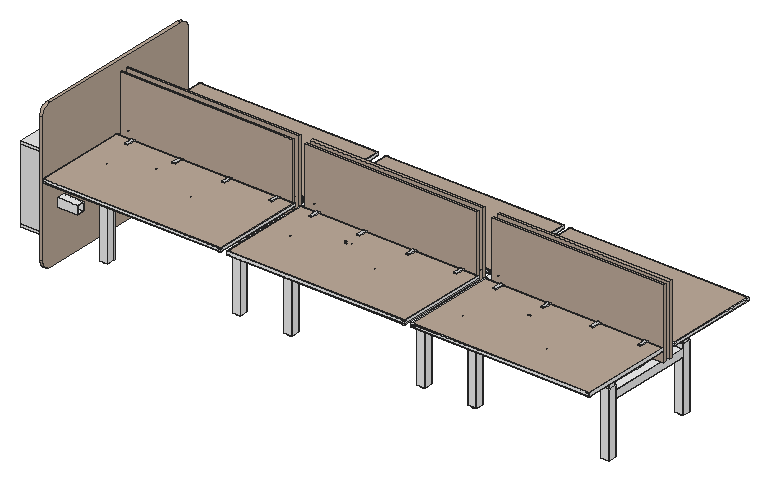
Revit family "T200104", category Furniture, Revit 2022 (continued)
Definition of nested family "OFS RANGE END CAP"
  Forms (in)
    Extrusion 1, solid, material <- "Profile Material"
      sketch origin (1, -13.68515, 0) x (0, -1, 0) y (1, 0, 0)
        loop
          line (-2.10078, -5.45499) -> (-2.10078, -5.74409)
          arc (-2.10078, -5.74409) -> (-2.12047, -5.76378) -> (-2.14015, -5.74409) r 0.01969
          line (-2.14015, -5.74409) -> (-2.14015, 3.74409)
          arc (-2.14015, 3.74409) -> (-2.12047, 3.76378) -> (-2.10078, 3.74409) r 0.01969
          line (-2.10078, 3.74409) -> (-2.10078, 3.45499)
          arc (-2.10078, 3.45499) -> (-2.08184, 3.40925) -> (-2.0361, 3.39031) r 0.06469
          line (-2.0361, 3.39031) -> (-1.31338, 3.39031) -> (-1.31338, 3.43531) -> (-2.0361, 3.43531)
          arc (-2.0361, 3.43531) -> (-2.05002, 3.44107) -> (-2.05578, 3.45499) r 0.01969
          line (-2.05578, 3.45499) -> (-2.05578, 3.74409)
          arc (-2.05578, 3.74409) -> (-2.12047, 3.80878) -> (-2.18515, 3.74409) r 0.06469
      from 15 to 17
    Extrusion 2, void
      sketch origin (0, 0, 0) x (0, 1, 0) y (0, 0, 1)
        loop
          line (-12.18427, 16.85665) -> (-11.64906, 16.85665) -> (-11.64906, 17.10665) -> (-12.64906, 17.10665) -> (-12.64906, 14.89335) -> (-11.64906, 14.89335) -> (-11.64906, 15.14335) -> (-12.18427, 15.14335)
          arc (-12.18427, 15.14335) -> (-12.31685, 15.19827) -> (-12.37177, 15.33085) r 0.1875
          line (-12.37177, 15.33085) -> (-12.37177, 16.66915)
          arc (-12.37177, 16.66915) -> (-12.31685, 16.80173) -> (-12.18427, 16.85665) r 0.1875
        loop
          circle (-12.03905, 15.42172) r 0.10313
      from -4.5 to 4.5
  Cuts and joins
    Extrusion 2 cuts Extrusion 1
  Dimensions and locks (in)
    "Depth": plane 4 "Front" to plane 1 "Back"
    equal spacing: plane 5 "Left", plane 3 "Center Left/Right", plane 6 "Right"
    "Width": plane 5 "Left" to plane 6 "Right"
    "Height from Floor": plane 7 to level
    "Height": plane 8 to plane 7
    equal spacing: plane 4 "Front", plane 9, plane 1 "Back"
    aligned and locked: level to plane 2
    aligned and locked: plane 8 to Extrusion 1
    aligned and locked: Extrusion 1 to plane 7
  Automatic sketch dimensions
    Extrusion 1 sketch curve to Extrusion 1 sketch curve = 0"  (x8)
    Extrusion 1 sketch curve to plane 4 "Front" = 1"
    Extrusion 1 sketch curve to Extrusion 1 sketch curve = 0.045"
    Extrusion 1 sketch curve to Extrusion 1 sketch curve = 0.01969"  (x4)
    Extrusion 1 sketch curve to Extrusion 1 sketch curve = 0.72272"  (x2)
    Extrusion 1 sketch curve to plane 5 "Left" = 0.24409"
    Extrusion 1 sketch curve to Extrusion 1 sketch curve = 0.2891"  (x2)
    plane 5 "Left" to Extrusion 1 sketch curve = 8.89031"
    plane 4 "Front" to Extrusion 2 sketch curve = 0.14906"
    Extrusion 2 sketch curve to plane 4 "Front" = 0.12823"
    Extrusion 2 sketch curve to plane 9 = 0.18427"  (x2)
    Extrusion 2 sketch curve to plane 9 = 5/128"
    plane 1 "Back" to Extrusion 2 sketch curve = 0.14906"  (x2)
    Extrusion 2 sketch curve to plane 7 = 0.10665"
    plane 7 to Extrusion 2 sketch curve = 0.14335"
    Extrusion 2 sketch curve to Extrusion 2 sketch curve = 0.09087"
    Extrusion 2 sketch curve to plane 8 = 0.33085"
    plane 8 to Extrusion 2 sketch curve = 0.10665"
    radius of Extrusion 2 sketch curve = 0.10313"
Definition of nested family "OFS RANGE HEIGHT ADJUSTABLE GANGING TRAY"
  Parameters (values of type "HEIGHT ADJUSTABLE GANGING TRAY")
    Width = 22"
    URL = "http://www.ofs.com/"
    Model = "HB-GKT"
    Manufacturer = "CAROLINA"
    Height from Floor = 15"
    Height = 2"
    Profile Material = none
    Description = "OFS CAROLINA HEIGHT ADJUSTABLE GANGING TRAY"
    Depth = 9 1/4"
    Default Elevation = 0"
    Copyright © = "©OFS 2019"
    Catalog = "https://ofs.com/products/open-plan/benching/range"
    Authoring Version = "Autodesk Revit Architecture 2015"
    Assembly Code = "E2020200"
  Reference planes (in)
    plane 1 "Back": y = -7.375
    plane 2: z = 0
    plane 3 "Center Left/Right": x = 0
    plane 4 "Front": y = -16.625
    plane 5 "Left": x = -11
    plane 6 "Right": x = 11
    plane 7: z = 15
    plane 8: z = 17
    plane 9: y = -12
    plane 10: x = -6.875
    plane 11: x = 6.875
  Forms (in)
    Extrusion 1, solid, material <- "Profile Material"
      sketch origin (0, 0, 0) x (0, 1, 0) y (0, 0, 1)
        loop
          line (-7.57087, 15) -> (-7.57087, 16.94094) -> (-7.62992, 16.94094) -> (-7.62992, 15.05906) -> (-16.37008, 15.05906) -> (-16.37008, 16.94094) -> (-16.42913, 16.94094) -> (-16.42913, 15) -> (-7.57087, 15)
      from -11 to 11
    Extrusion 2, void
      sketch origin (0, 0, 0) x (1, 0, 0) y (0, 1, 0)
        loop
          arc (-10.2126, -9.74311) -> (-10.24719, -9.65959) -> (-10.33071, -9.625) r 0.11811
          line (-10.33071, -9.625) -> (-10.88189, -9.625)
          arc (-10.88189, -9.625) -> (-10.96541, -9.59041) -> (-11, -9.50689) r 0.11811
          line (-11, -9.50689) -> (-11, -7.375) -> (-11.5, -7.375) -> (-11.5, -16.625) -> (-11, -16.625) -> (-11, -14.49311)
          arc (-11, -14.49311) -> (-10.96541, -14.40959) -> (-10.88189, -14.375) r 0.11811
          line (-10.88189, -14.375) -> (-10.33071, -14.375)
          arc (-10.33071, -14.375) -> (-10.24719, -14.34041) -> (-10.2126, -14.25689) r 0.11811
          line (-10.2126, -14.25689) -> (-10.2126, -9.74311)
        loop
          arc (-9.11614, -10.75) -> (-9.29292, -10.82322) -> (-9.36614, -11) r 0.25
          line (-9.36614, -11) -> (-9.36614, -13)
          arc (-9.36614, -13) -> (-9.29292, -13.17678) -> (-9.11614, -13.25) r 0.25
          line (-9.11614, -13.25) -> (-7.11614, -13.25)
          arc (-7.11614, -13.25) -> (-6.93937, -13.17678) -> (-6.86614, -13) r 0.25
          line (-6.86614, -13) -> (-6.86614, -11)
          arc (-6.86614, -11) -> (-6.93937, -10.82322) -> (-7.11614, -10.75) r 0.25
          line (-7.11614, -10.75) -> (-9.11614, -10.75)
        loop
          arc (-1, -10.75) -> (-1.17678, -10.82322) -> (-1.25, -11) r 0.25
          line (-1.25, -11) -> (-1.25, -13)
          arc (-1.25, -13) -> (-1.17678, -13.17678) -> (-1, -13.25) r 0.25
          line (-1, -13.25) -> (1, -13.25)
          arc (1, -13.25) -> (1.17678, -13.17678) -> (1.25, -13) r 0.25
          line (1.25, -13) -> (1.25, -11)
          arc (1.25, -11) -> (1.17678, -10.82322) -> (1, -10.75) r 0.25
          line (1, -10.75) -> (-1, -10.75)
        loop
          line (10.2126, -9.74311) -> (10.2126, -14.25689)
          arc (10.2126, -14.25689) -> (10.24719, -14.34041) -> (10.33071, -14.375) r 0.11811
          line (10.33071, -14.375) -> (10.88189, -14.375)
          arc (10.88189, -14.375) -> (10.96541, -14.40959) -> (11, -14.49311) r 0.11811
          line (11, -14.49311) -> (11, -16.625) -> (11.5, -16.625) -> (11.5, -7.375) -> (11, -7.375) -> (11, -9.50689)
          arc (11, -9.50689) -> (10.96541, -9.59041) -> (10.88189, -9.625) r 0.11811
          line (10.88189, -9.625) -> (10.33071, -9.625)
          arc (10.33071, -9.625) -> (10.24719, -9.65959) -> (10.2126, -9.74311) r 0.11811
        loop
          line (9.11614, -10.75) -> (7.11614, -10.75)
          arc (7.11614, -10.75) -> (6.93937, -10.82322) -> (6.86614, -11) r 0.25
          line (6.86614, -11) -> (6.86614, -13)
          arc (6.86614, -13) -> (6.93937, -13.17678) -> (7.11614, -13.25) r 0.25
          line (7.11614, -13.25) -> (9.11614, -13.25)
          arc (9.11614, -13.25) -> (9.29292, -13.17678) -> (9.36614, -13) r 0.25
          line (9.36614, -13) -> (9.36614, -11)
          arc (9.36614, -11) -> (9.29292, -10.82322) -> (9.11614, -10.75) r 0.25
        loop
          circle (-9.11618, -9.9973) r 0.07759
        loop
          circle (-7.1161, -9.9973) r 0.07759
        loop
          circle (-9.11618, -14.0027) r 0.07759
        loop
          circle (-7.1161, -14.0027) r 0.07759
        loop
          circle (9.11618, -9.9973) r 0.07759
        loop
          circle (7.1161, -9.9973) r 0.07759
        loop
          circle (9.11618, -14.0027) r 0.07759
        loop
          circle (7.1161, -14.0027) r 0.07759
      from 13.92521 to 20.02013
    Extrusion 3, void
      sketch origin (0, -7.375, 0) x (1, 0, 0) y (0, 0, 1)
        loop
          line (-10.875, 16.61811) -> (-7, 16.61811)
          arc (-7, 16.61811) -> (-6.91161, 16.65472) -> (-6.875, 16.74311) r 0.125
          line (-6.875, 16.74311) -> (-6.875, 16.81594)
          arc (-6.875, 16.81594) -> (-6.83839, 16.90433) -> (-6.75, 16.94094) r 0.125
          line (-6.75, 16.94094) -> (-6.75, 17.44094) -> (-11.32241, 17.44094) -> (-11.32241, 16.49311) -> (-11, 16.49311)
          arc (-11, 16.49311) -> (-10.96339, 16.5815) -> (-10.875, 16.61811) r 0.125
        loop
          arc (10.875, 16.61811) -> (10.96339, 16.5815) -> (11, 16.49311) r 0.125
          line (11, 16.49311) -> (11.32241, 16.49311) -> (11.32241, 17.5) -> (6.75, 17.5) -> (6.75, 16.94094)
          arc (6.75, 16.94094) -> (6.83839, 16.90433) -> (6.875, 16.81594) r 0.125
          line (6.875, 16.81594) -> (6.875, 16.74311)
          arc (6.875, 16.74311) -> (6.91161, 16.65472) -> (7, 16.61811) r 0.125
          line (7, 16.61811) -> (10.875, 16.61811)
      from 0 to 9.25
    Extrusion 4, solid, material <- "Profile Material"
      sketch origin (0, 0, 0) x (0, 1, 0) y (0, 0, 1)
        loop
          line (-16.4685, 16.94094) -> (-7.5315, 16.94094) -> (-7.5315, 15) -> (-7.47244, 15) -> (-7.47244, 17) -> (-16.52756, 17) -> (-16.52756, 15) -> (-16.4685, 15) -> (-16.4685, 16.94094)
      from -6.875 to 6.875
  Cuts and joins
    Extrusion 2, Extrusion 3 cuts Extrusion 1
  Dimensions and locks (in)
    "Depth": plane 4 "Front" to plane 1 "Back"
    equal spacing: plane 5 "Left", plane 3 "Center Left/Right", plane 6 "Right"
    "Width": plane 5 "Left" to plane 6 "Right"
    "Height from Floor": plane 7 to level
    "Height": plane 8 to plane 7
    equal spacing: plane 4 "Front", plane 9, plane 1 "Back"
    plane 11 to plane 3 "Center Left/Right" to plane 10 = 6 7/8", 6 7/8"
    aligned and locked: level to plane 2
    aligned and locked: Extrusion 1 to plane 6 "Right"
    aligned and locked: Extrusion 1 to plane 5 "Left"
    aligned and locked: plane 4 "Front" to Extrusion 3
    aligned and locked: Extrusion 3 to plane 1 "Back"
    aligned and locked: Extrusion 4 to plane 10
    aligned and locked: Extrusion 4 to plane 11
  Automatic sketch dimensions
    plane 1 "Back" to Extrusion 1 sketch curve = 0.19587"
    Extrusion 1 sketch curve to plane 4 "Front" = 0.19587"
    Extrusion 1 sketch curve to plane 8 = 0.05906"  (x2)
    Extrusion 1 sketch curve to Extrusion 1 sketch curve = 0.05906"  (x2)
    Extrusion 1 sketch curve to plane 7 = 0"
    plane 7 to Extrusion 1 sketch curve = 0.05906"
    plane 1 "Back" to Extrusion 2 sketch curve = 0"  (x2)
    plane 4 "Front" to Extrusion 2 sketch curve = 0"  (x2)
    Extrusion 2 sketch curve to plane 5 "Left" = 1/2"
    plane 5 "Left" to Extrusion 2 sketch curve = 0"  (x2)
    Extrusion 2 sketch curve to Extrusion 2 sketch curve = 0.11811"  (x5)
    Extrusion 2 sketch curve to Extrusion 2 sketch curve = 0.55118"  (x2)
    Extrusion 2 sketch curve to Extrusion 2 sketch curve = 0.84646"
    Extrusion 2 sketch curve to Extrusion 2 sketch curve = 1.09642"  (x3)
    Extrusion 2 sketch curve to Extrusion 2 sketch curve = 1/4"  (x6)
    Extrusion 2 sketch curve to plane 10 = 0.24114"  (x2)
    Extrusion 2 sketch curve to plane 10 = 0.2411"  (x2)
    plane 10 to Extrusion 2 sketch curve = 0.00886"
    Extrusion 2 sketch curve to plane 3 "Center Left/Right" = 1 1/4"
    plane 3 "Center Left/Right" to Extrusion 2 sketch curve = 1"  (x2)
    plane 11 to Extrusion 2 sketch curve = 0.00886"
    Extrusion 2 sketch curve to plane 11 = 0.2411"  (x2)
    Extrusion 2 sketch curve to plane 11 = 0.24114"  (x2)
    plane 6 "Right" to Extrusion 2 sketch curve = 1.88386"  (x2)
    plane 9 to Extrusion 2 sketch curve = 1 1/4"
    Extrusion 2 sketch curve to Extrusion 2 sketch curve = 0.00004"  (x2)
    plane 6 "Right" to Extrusion 2 sketch curve = 0.11811"  (x2)
    plane 6 "Right" to Extrusion 2 sketch curve = 0"  (x2)
    Extrusion 2 sketch curve to plane 6 "Right" = 1/2"
    Extrusion 2 sketch curve to Extrusion 2 sketch curve = 2.13189"
    Extrusion 2 sketch curve to plane 4 "Front" = 2.13189"
    Extrusion 2 sketch curve to plane 9 = 2.0027"  (x2)
    Extrusion 2 sketch curve to Extrusion 2 sketch curve = 0.25419"  (x4)
    Extrusion 2 sketch curve to Extrusion 2 sketch curve = 0.7527"  (x6)
    Extrusion 2 sketch curve to plane 9 = 1 1/4"
    plane 9 to Extrusion 2 sketch curve = 1"  (x2)
    Extrusion 3 sketch curve to plane 5 "Left" = 0"
    Extrusion 3 sketch curve to plane 10 = 0"
    Extrusion 3 sketch curve to plane 8 = 0.05906"  (x2)
    plane 11 to Extrusion 3 sketch curve = 0"
    plane 6 "Right" to Extrusion 3 sketch curve = 0"
    Extrusion 3 sketch curve to plane 5 "Left" = 0.32241"
    plane 5 "Left" to Extrusion 3 sketch curve = 1/8"
    Extrusion 3 sketch curve to plane 10 = 1/8"
    plane 10 to Extrusion 3 sketch curve = 1/8"
    plane 11 to Extrusion 3 sketch curve = 1/8"
    Extrusion 3 sketch curve to plane 11 = 1/8"
    plane 6 "Right" to Extrusion 3 sketch curve = 1/8"
    Extrusion 3 sketch curve to plane 6 "Right" = 0.32241"
    Extrusion 3 sketch curve to Extrusion 3 sketch curve = 0.07283"  (x2)
    plane 8 to Extrusion 3 sketch curve = 0.44094"
    Extrusion 3 sketch curve to Extrusion 3 sketch curve = 0.55906"
    Extrusion 4 sketch curve to plane 7 = 0"  (x2)
    Extrusion 4 sketch curve to plane 4 "Front" = 0.09744"
    Extrusion 4 sketch curve to Extrusion 4 sketch curve = 0.05906"  (x3)
    plane 1 "Back" to Extrusion 4 sketch curve = 0.1565"
    Extrusion 4 sketch curve to plane 8 = 0.05906"
    radius of Extrusion 2 sketch curve = 0.07759"  (x8)
Definition of nested family "OFS RANGE BRACKETS FOR WORKSURFACE EDGE MODESTY FABRIC PANEL"
  Parameters (values of type "BRACKETS FOR WORKSURFACE EDGE MODESTY Fabric Panel")
    Width = 1"
    URL = "http://www.ofs.com/"
    Height from Floor = 30"
    Height = 2 1/2"
    Model = "WEBKT-3"
    Manufacturer = "CAROLINA"
    Description = "OFS CAROLINA RANGE BRACKETS FOR WORKSURFACE EDGE MODESTY for Fabric Panel"
    Depth = 3 11/16"
    Default Elevation = 0"
    Copyright © = "© 2019 OFS"
    Catalog = "https://ofs.com/products/open-plan/benching/range"
    Authoring Version = "Autodesk Revit Architecture 2015"
    Assembly Code = "E2020200"
    Surface Material = none
  Reference planes (in)
    plane 1 "Center (Front/Back)": y = 0
    plane 2: z = 0
    plane 3 "Center (Left/Right)": x = 0
    plane 4: x = 0.5
    plane 5: x = -0.5
    plane 6: y = 0.875
    plane 7: y = -3
    plane 8: z = 30
    plane 9: z = 32.5
    plane 10: y = -1.25
  Forms (in)
    Extrusion 1, solid, material <- "Surface Material"
      sketch origin (0, 0, 0) x (0, 1, 0) y (0, 0, 1)
        loop
          line (0, 32.5) -> (-3, 32.5) -> (-3, 32.375) -> (-1.25, 32.375) -> (-1.25, 31.125) -> (-3, 31.125) -> (-3, 31) -> (-1.25, 31) -> (-1.25, 30) -> (0, 30) -> (0, 32.5)
        loop
          line (-0.125, 32.375) -> (-1.125, 32.375) -> (-1.125, 30.125) -> (-0.125, 30.125) -> (-0.125, 32.375)
      from -0.5 to 0.5
    Extrusion 2, void
      sketch origin (0, 0, 0) x (1, 0, 0) y (0, 0, 1)
        loop
          circle (0, 30.5625) r 0.1875
        loop
          circle (0, 31.6875) r 0.1875
      from 0.83423 to 1.60927
    Extrusion 3, solid, material <- "Surface Material"
      sketch origin (0, 0, 0) x (1, 0, 0) y (0, 0, 1)
        loop
          circle (0, 30.5625) r 0.0625
        loop
          circle (0, 31.9375) r 0.0625
      from 0 to -0.875
    Extrusion 4, solid, material <- "Surface Material"
      sketch origin (0, 0, 0) x (1, 0, 0) y (0, 1, 0)
        loop
          circle (0, -2.15157) r 0.125
      from 31.125 to 31.5
    Extrusion 5, solid, material <- "Surface Material"
      sketch origin (0, 0, 0) x (1, 0, 0) y (0, 0, 1)
        loop
          line (-0.5, 32.5) -> (-0.5, 30) -> (0.5, 30) -> (0.5, 32.5) -> (-0.5, 32.5)
      from -0.875 to -0.96004
    Extrusion 6, solid, material <- "Surface Material"
      sketch origin (0, 0, 0) x (1, 0, 0) y (0, 0, 1)
        loop
          line (-0.25, 31.625) -> (-0.25, 30.875) -> (0.25, 30.875) -> (0.25, 31.625) -> (-0.25, 31.625)
      from 0 to -0.15772
  Cuts and joins
    Extrusion 2 cuts Extrusion 1
  Dimensions and locks (in)
    equal spacing: plane 5, plane 3 "Center (Left/Right)", plane 4
    "Width": plane 5 to plane 4
    plane 1 "Center (Front/Back)" to plane 7 = 3"
    "Height": plane 9 to plane 8
    "Height from Floor": plane 8 to level
    plane 1 "Center (Front/Back)" to plane 6 = 7/8"
    aligned and locked: level to plane 2
    aligned and locked: plane 9 to Extrusion 1 sketch curve
    aligned and locked: Extrusion 1 sketch curve to plane 1 "Center (Front/Back)"
    aligned and locked: Extrusion 1 sketch curve to plane 8
    aligned and locked: plane 10 to Extrusion 1 sketch curve
    aligned and locked: Extrusion 1 sketch curve to plane 7
    aligned and locked: plane 5 to Extrusion 1
    aligned and locked: plane 4 to Extrusion 1
    aligned and locked: Extrusion 3 to plane 1 "Center (Front/Back)"
    aligned and locked: plane 6 to Extrusion 3
    aligned and locked: Extrusion 5 sketch curve to cut or joined group of Extrusion 1, Extrusion 2  (x4)
    aligned and locked: Extrusion 5 to plane 6
  Automatic sketch dimensions
    Extrusion 1 sketch curve to plane 10 = 0"
    plane 8 to Extrusion 1 sketch curve = 1/8"
    Extrusion 1 sketch curve to plane 7 = 0"
    Extrusion 1 sketch curve to plane 10 = 1/8"
    plane 1 "Center (Front/Back)" to Extrusion 1 sketch curve = 1/8"
    Extrusion 1 sketch curve to Extrusion 1 sketch curve = 7/8"
    Extrusion 1 sketch curve to Extrusion 1 sketch curve = 1/8"
    Extrusion 1 sketch curve to plane 9 = 1/8"  (x2)
    Extrusion 2 sketch curve to plane 3 "Center (Left/Right)" = 0"  (x2)
    plane 8 to Extrusion 2 sketch curve = 9/16"
    Extrusion 2 sketch curve to plane 9 = 13/16"
    Extrusion 4 sketch curve to plane 3 "Center (Left/Right)" = 0"
    Extrusion 4 sketch curve to plane 7 = 0.84843"
    Extrusion 3 sketch curve to plane 3 "Center (Left/Right)" = 0"  (x2)
    plane 8 to Extrusion 3 sketch curve = 9/16"
    Extrusion 3 sketch curve to plane 9 = 9/16"
    Extrusion 6 sketch curve to plane 3 "Center (Left/Right)" = 1/4"
    plane 8 to Extrusion 6 sketch curve = 7/8"
    plane 3 "Center (Left/Right)" to Extrusion 6 sketch curve = 1/4"
    Extrusion 6 sketch curve to Extrusion 6 sketch curve = 3/4"
    radius of Extrusion 2 sketch curve = 3/16"  (x2)
    radius of Extrusion 4 sketch curve = 1/8"
    radius of Extrusion 3 sketch curve = 1/16"  (x2)
Definition of nested family "OFS RANGE 30D RECTANGULAR TOP"
  Parameters (values of type "30D RECTANGULAR TOP 72W")
    Worksurface Material = none
    Width = 72"
    URL = "http://www.ofs.com/"
    Model = "HB-7230HART"
    Manufacturer = "CAROLINA"
    Height from Floor = 27 7/8"
    Height = 1 3/16"
    Edge Material = none
    Description = "OFS CAROLINA RANGE 30\"D RECTANGULAR TOP, 72\" Width, Use with 72\" Bench Kit"
    Depth = 30"
    Default Elevation = 0"
    Copyright © = "©OFS 2019"
    Catalog = "https://ofs.com/products/open-plan/benching/range"
    Authoring Version = "Autodesk Revit Architecture 2015"
    Assembly Code = "E2020200"
  Types (10): name | Width | Model | Description
    (no name) | 72" | "HB-7230HART" | "OFS CAROLINA RANGE 30\"D RECTANGULAR TOP, 72\" Width, Use with 72\" Bench Kit"
    30D RECTANGULAR TOP 52W | 52" | "HB-5230HART" | "OFS CAROLINA RANGE 30\"D RECTANGULAR TOP, 52\" Width, Use with 54\" Bench Kit"
    30D RECTANGULAR TOP 58W | 58" | "HB-5830HART" | "OFS CAROLINA RANGE 30\"D RECTANGULAR TOP, 58\" Width, Use with 60\" Bench Kit"
    30D RECTANGULAR TOP 64W | 64" | "HB-6430HART" | "OFS CAROLINA RANGE 30\"D RECTANGULAR TOP, 64\" Width, Use with 66\" Bench Kit"
    30D RECTANGULAR TOP 70W | 70" | "HB-7030HART" | "OFS CAROLINA RANGE 30\"D RECTANGULAR TOP, 70\" Width, Use with 72\" Bench Kit"
    30D RECTANGULAR TOP 48W | 48" | "HB-4830HARTS" | "OFS CAROLINA RANGE 30\"D RECTANGULAR TOP, 48\" Width, Use with 54\" Bench Kit when Worksurface Side Modesty is Specified"
    30D RECTANGULAR TOP 54W | 54" | "HB-5430HARTS" | "OFS CAROLINA RANGE 30\"D RECTANGULAR TOP, 54\" Width, Use with 60\" Bench Kit when Worksurface Side Modesty is Specified"
    30D RECTANGULAR TOP 60W | 60" | "HB-6030HARTS" | "OFS CAROLINA RANGE 30\"D RECTANGULAR TOP, 60\" Width, Use with 66\" Bench Kit when Worksurface Side Modesty is Specified"
    30D RECTANGULAR TOP 66W | 66" | "HB-6630HARTS" | "OFS CAROLINA RANGE 30\"D RECTANGULAR TOP, 66\" Width, Use with 72\" Bench Kit when Worksurface Side Modesty is Specified"
    30D RECTANGULAR TOP 72W | 72" | "HB-7230HART" | "OFS CAROLINA RANGE 30\"D RECTANGULAR TOP, 72\" Width, Use with 72\" Bench Kit"
  Reference planes (in)
    plane 1 "Back": y = 0
    plane 2: z = 0
    plane 3 "Center Left/Right": x = 0
    plane 4 "Front": y = -30
    plane 5 "Left": x = -36
    plane 6 "Right": x = 36
    plane 7: z = 27.875
    plane 8: z = 29.0625
    plane 9: y = -0.125
    plane 10: x = -35.875
    plane 11: x = 35.875
    plane 12: y = -29.875
    plane 13: y = -15
  Forms (in)
    Extrusion 1, solid, material <- "Worksurface Material"
      sketch origin (0, 0, 0) x (1, 0, 0) y (0, 1, 0)
        loop
          line (-35.875, -0.125) -> (-35.875, -29.875) -> (35.875, -29.875) -> (35.875, -0.125) -> (-35.875, -0.125)
      from 27.875 to 29.0625
    Sweep 2, solid, material <- "Edge Material"
      path in 3D
        loop
          line (-35.875, -0.125, 29.0625) -> (-35.875, -29.875, 29.0625) -> (35.875, -29.875, 29.0625) -> (35.875, -0.125, 29.0625) -> (-35.875, -0.125, 29.0625)
      profile origin (0, -0.125, 29.0625) x (0, -1, 0) y (0, 0, 1)
        loop
          arc (0, 0) -> (-0.08839, -0.03661) -> (-0.125, -0.125) r 0.125
          line (-0.125, -0.125) -> (-0.125, -1.0625)
          arc (-0.125, -1.0625) -> (-0.08839, -1.15089) -> (0, -1.1875) r 0.125
          line (0, -1.1875) -> (0, 0)
  Lines and regions (in)
    sketch lines
      curve 1: line (35.875, -0.125, 29.0625) -> (-35.875, -0.125, 29.0625)
      curve 2: line (-35.875, -0.125, 29.0625) -> (-35.875, -29.875, 29.0625)
      curve 3: line (-35.875, -29.875, 29.0625) -> (35.875, -29.875, 29.0625)
      curve 4: line (35.875, -29.875, 29.0625) -> (35.875, -0.125, 29.0625)
  Dimensions and locks (in)
    "Depth": plane 4 "Front" to plane 1 "Back"
    equal spacing: plane 5 "Left", plane 3 "Center Left/Right", plane 6 "Right"
    "Width": plane 5 "Left" to plane 6 "Right"
    "Height from Floor": plane 7 to level
    "Height": plane 8 to plane 7
    locked: plane 5 "Left" to plane 10 at 0.125
    locked: plane 11 to plane 6 "Right" at 0.125
    locked: plane 4 "Front" to plane 12 at 0.125
    locked: plane 9 to plane 1 "Back" at 0.125
    equal spacing: plane 4 "Front", plane 13, plane 1 "Back"
    aligned and locked: level to plane 2
    aligned and locked: plane 11 to Extrusion 1 sketch curve
    aligned and locked: plane 9 to Extrusion 1 sketch curve
    aligned and locked: plane 10 to Extrusion 1 sketch curve
    aligned and locked: plane 8 to Extrusion 1
    aligned and locked: Extrusion 1 to plane 7
  Automatic sketch dimensions
    plane 12 to Extrusion 1 sketch curve = 0"
    Sweep 2 sketch curve to profile plane = 0"  (x2)
    Sweep 2 sketch curve to Sweep 2 sketch curve = 15/16"
    Sweep 2 sketch curve to Sweep 2 sketch curve = 1/8"
Definition of nested family "OFS RANGE WORKSURFACE EDGE MODESTY FABRIC"
  Parameters (values of type "WORKSURFACE EDGE MODESTY 46W FABRIC")
    Worksurface Material = none
    Width = 46"
    URL = "http://www.ofs.com/"
    Model = "HB-WEMF-46/22.5"
    Manufacturer = "CAROLINA"
    Height from Floor = 24 1/2"
    Height = 22 1/2"
    Support Material = none
    Description = "OFS RANGE WORKSURFACE EDGE MODESTY FABRIC, 46\" Width, Use with 48\"W Worksurface"
    Depth = 3/4"
    Default Elevation = 0"
    Copyright © = "©OFS 2019"
    Catalog = "https://ofs.com/products/open-plan/benching/range"
    Authoring Version = "Autodesk Revit Architecture 2015"
    Assembly Code = "E2020200"
  Types (10): name | Width | Model | Description
    (no name) | 46" | "HB-WEMF-46/22.5" | "OFS RANGE WORKSURFACE EDGE MODESTY FABRIC, 46\" Width, Use with 48\"W Worksurface"
    WORKSURFACE EDGE MODESTY 46W FABRIC | 46" | "HB-WEMF-46/22.5" | "OFS RANGE WORKSURFACE EDGE MODESTY FABRIC, 46\" Width, Use with 48\"W Worksurface"
    WORKSURFACE EDGE MODESTY 52W FABRIC | 52" | "HB-WEMF-52/22.5" | "OFS RANGE WORKSURFACE EDGE MODESTY FABRIC, 52\" Width, Use with 54\"W Worksurface"
    WORKSURFACE EDGE MODESTY 58W FABRIC | 58" | "HB-WEMF-58/22.5" | "OFS RANGE WORKSURFACE EDGE MODESTY FABRIC, 58\" Width, Use with 60\"W Worksurface"
    WORKSURFACE EDGE MODESTY 64W FABRIC | 64" | "HB-WEMF-64/22.5" | "OFS RANGE WORKSURFACE EDGE MODESTY FABRIC, 64\" Width, Use with 66\"W Worksurface"
    WORKSURFACE EDGE MODESTY 70W FABRIC | 70" | "HB-WEMF-70/22.5" | "OFS RANGE WORKSURFACE EDGE MODESTY FABRIC, 70\" Width, Use with 72\"W Worksurface"
    WORKSURFACE EDGE MODESTY 50W FABRIC | 50" | "HB-WEMF-50/22.5" | "OFS RANGE WORKSURFACE EDGE MODESTY FABRIC, 50\" Width, Use with 52\"W Worksurface"
    WORKSURFACE EDGE MODESTY 56W FABRIC | 56" | "HB-WEMF-56/22.5" | "OFS RANGE WORKSURFACE EDGE MODESTY FABRIC, 56\" Width, Use with 58\"W Worksurface"
    WORKSURFACE EDGE MODESTY 62W FABRIC | 62" | "HB-WEMF-62/22.5" | "OFS RANGE WORKSURFACE EDGE MODESTY FABRIC, 62\" Width, Use with 64\"W Worksurface"
    WORKSURFACE EDGE MODESTY 68W FABRIC | 68" | "HB-WEMF-68/22.5" | "OFS RANGE WORKSURFACE EDGE MODESTY FABRIC, 68\" Width, Use with 70\"W Worksurface"
  Reference planes (in)
    plane 1 "Back": y = -11.625
    plane 2: z = 0
    plane 3 "Center Left/Right": x = 0
    plane 4 "Front": y = -12.375
    plane 5 "Left": x = -23
    plane 6 "Right": x = 23
    plane 7: z = 24.5
    plane 8: z = 47
    plane 9: y = -12
    plane 10: x = -16.5
    plane 11: x = -14
    plane 12: x = 16.5
    plane 13: x = 14
  Forms (in)
    Extrusion 1, solid, material <- "Worksurface Material"
      sketch origin (0, 0, 0) x (1, 0, 0) y (0, 1, 0)
        loop
          line (-23, -11.625) -> (-23, -12.375) -> (23, -12.375) -> (23, -11.625) -> (-23, -11.625)
      from 24.5 to 47
  Dimensions and locks (in)
    "Depth": plane 4 "Front" to plane 1 "Back"
    equal spacing: plane 5 "Left", plane 3 "Center Left/Right", plane 6 "Right"
    "Width": plane 5 "Left" to plane 6 "Right"
    "Height from Floor": plane 7 to level
    "Height": plane 8 to plane 7
    equal spacing: plane 4 "Front", plane 9, plane 1 "Back"
    plane 5 "Left" to plane 10 to plane 11 = 6 1/2" locked, 2 1/2" locked
    plane 6 "Right" to plane 12 to plane 13 = 6 1/2" locked, 2 1/2" locked
    aligned and locked: level to plane 2
    aligned and locked: plane 8 to Extrusion 1
    aligned and locked: Extrusion 1 to plane 7
    aligned and locked: plane 4 "Front" to Extrusion 1
    aligned and locked: Extrusion 1 to plane 5 "Left"
    aligned and locked: Extrusion 1 to plane 1 "Back"
    aligned and locked: Extrusion 1 to plane 6 "Right"
  Automatic sketch dimensions
    plane 4 "Front" to Extrusion 1 sketch curve = 0"
    Extrusion 1 sketch curve to plane 5 "Left" = 0"
    Extrusion 1 sketch curve to plane 6 "Right" = 0"
    plane 1 "Back" to Extrusion 1 sketch curve = 0"
Definition of nested family "OFS RANGE DIVIDER WALL PRIVACY PANEL SOFT"
  Parameters (values of type "DIVIDER WALL PRIVACY PANEL SOFT 42H 36W")
    Worksurface Material = none
    Width = 36"
    URL = "http://www.ofs.com/"
    Model = "HB-4236DWR"
    Manufacturer = "CAROLINA"
    Height from Floor = 1/2"
    Height = 42"
    Support Material = none
    Description = "OFS RANGE DIVIDER WALL PRIVACY PANEL SOFT, 42\" Height, 36\" Width, Vertical Grain Pattern"
    Depth = 1"
    Default Elevation = 0"
    Copyright © = "©OFS 2019"
    Catalog = "https://ofs.com/products/open-plan/benching/range"
    Authoring Version = "Autodesk Revit Architecture 2015"
    Assembly Code = "E2020200"
  Types (11): name | Width | Model | Height | Description
    (no name) | 36" | "HB-4236DWR" | 42" | "OFS RANGE DIVIDER WALL PRIVACY PANEL SOFT, 42\" Height, 36\" Width, Vertical Grain Pattern"
    DIVIDER WALL PRIVACY PANEL SOFT 42H 36W | 36" | "HB-4236DWR" | 42" | "OFS RANGE DIVIDER WALL PRIVACY PANEL SOFT, 42\" Height, 36\" Width, Vertical Grain Pattern"
    DIVIDER WALL PRIVACY PANEL SOFT 42H 42W | 42" | "HB-4242DWR" | 42" | "OFS RANGE DIVIDER WALL PRIVACY PANEL SOFT, 42\" Height, 42\" Width, Vertical Grain Pattern"
    DIVIDER WALL PRIVACY PANEL SOFT 42H 48W | 48" | "HB-4248DWR" | 42" | "OFS RANGE DIVIDER WALL PRIVACY PANEL SOFT, 42\" Height, 48\" Width, Vertical Grain Pattern"
    DIVIDER WALL PRIVACY PANEL SOFT 42H 54W | 54" | "HB-4254DWR" | 42" | "OFS RANGE DIVIDER WALL PRIVACY PANEL SOFT, 42\" Height, 54\" Width, Vertical Grain Pattern"
    DIVIDER WALL PRIVACY PANEL SOFT 42H 59W | 59" | "HB-4259DWR" | 42" | "OFS RANGE DIVIDER WALL PRIVACY PANEL SOFT, 42\" Height, 59\" Width, Vertical Grain Pattern"
    DIVIDER WALL PRIVACY PANEL SOFT 48H 59W | 59" | "HB-4859DWR" | 48" | "OFS RANGE DIVIDER WALL PRIVACY PANEL SOFT, 48\" Height, 59\" Width, Vertical Grain Pattern"
    DIVIDER WALL PRIVACY PANEL SOFT 48H 54W | 54" | "HB-4854DWR" | 48" | "OFS RANGE DIVIDER WALL PRIVACY PANEL SOFT, 48\" Height, 54\" Width, Vertical Grain Pattern"
    DIVIDER WALL PRIVACY PANEL SOFT 48H 48W | 48" | "HB-4848DWR" | 48" | "OFS RANGE DIVIDER WALL PRIVACY PANEL SOFT, 48\" Height, 48\" Width, Vertical Grain Pattern"
    DIVIDER WALL PRIVACY PANEL SOFT 48H 42W | 42" | "HB-4842DWR" | 48" | "OFS RANGE DIVIDER WALL PRIVACY PANEL SOFT, 48\" Height, 42\" Width, Vertical Grain Pattern"
    DIVIDER WALL PRIVACY PANEL SOFT 48H 36W | 36" | "HB-4836DWR" | 48" | "OFS RANGE DIVIDER WALL PRIVACY PANEL SOFT, 48\" Height, 36\" Width, Vertical Grain Pattern"
  Reference planes (in)
    plane 1 "Back": y = -11.5
    plane 2: z = 0
    plane 3 "Center Left/Right": x = 0
    plane 4 "Front": y = -12.5
    plane 5 "Left": x = -18
    plane 6 "Right": x = 18
    plane 7: z = 0.5
    plane 8: z = 42.5
    plane 9: y = -12
    plane 10: x = -12.5
    plane 11: x = -10
    plane 12: x = 12.5
    plane 13: x = 10
    plane 14: z = 19.75
    plane 15: z = 17
    plane 16: y = -19.5
  Forms (in)
    Extrusion 1, solid, material <- "Support Material"
      sketch origin (0, -11.5, 0) x (1, 0, 0) y (0, 0, 1)
        loop
          line (-12.5, 19.75) -> (-12.5, 17) -> (-10, 17) -> (-10, 19.75) -> (-12.5, 19.75)
        loop
          line (12.5, 19.75) -> (10, 19.75) -> (10, 17) -> (12.5, 17) -> (12.5, 19.75)
        loop
          line (-12.4375, 19.6875) -> (-12.4375, 17.0625) -> (-10.0625, 17.0625) -> (-10.0625, 19.6875) -> (-12.4375, 19.6875)
        loop
          line (12.4375, 19.6875) -> (10.0625, 19.6875) -> (10.0625, 17.0625) -> (12.4375, 17.0625) -> (12.4375, 19.6875)
      from 1 to 8
    Extrusion 2, solid, material <- "Worksurface Material"
      sketch origin (0, -11.5, 0) x (1, 0, 0) y (0, 0, 1)
        loop
          arc (-15, 42.5) -> (-17.12132, 41.62132) -> (-18, 39.5) r 3
          line (-18, 39.5) -> (-18, 3.5)
          arc (-18, 3.5) -> (-17.12132, 1.37868) -> (-15, 0.5) r 3
          line (-15, 0.5) -> (15, 0.5)
          arc (15, 0.5) -> (17.12132, 1.37868) -> (18, 3.5) r 3
          line (18, 3.5) -> (18, 39.5)
          arc (18, 39.5) -> (17.12132, 41.62132) -> (15, 42.5) r 3
          line (15, 42.5) -> (-15, 42.5)
      from 0 to 1
  Dimensions and locks (in)
    "Depth": plane 4 "Front" to plane 1 "Back"
    equal spacing: plane 5 "Left", plane 3 "Center Left/Right", plane 6 "Right"
    "Width": plane 5 "Left" to plane 6 "Right"
    "Height from Floor": plane 7 to level
    "Height": plane 8 to plane 7
    equal spacing: plane 4 "Front", plane 9, plane 1 "Back"
    plane 5 "Left" to plane 10 to plane 11 = 5 1/2" locked, 2 1/2" locked
    plane 6 "Right" to plane 12 to plane 13 = 5 1/2" locked, 2 1/2" locked
    plane 14 to plane 15 to level = 2 3/4" locked, 17" locked
    locked: plane 16 to plane 4 "Front" at 7
    aligned and locked: level to plane 2
    aligned and locked: Extrusion 1 sketch curve to plane 14
    aligned and locked: plane 10 to Extrusion 1 sketch curve
    aligned and locked: plane 15 to Extrusion 1 sketch curve
    aligned and locked: Extrusion 1 sketch curve to plane 11
    aligned and locked: plane 14 to Extrusion 1 sketch curve
    aligned and locked: Extrusion 1 sketch curve to plane 12
    aligned and locked: Extrusion 1 sketch curve to plane 15
    aligned and locked: plane 13 to Extrusion 1 sketch curve
    aligned and locked: Extrusion 1 to plane 4 "Front"
    aligned and locked: plane 16 to Extrusion 1
    aligned and locked: Extrusion 2 sketch curve to plane 8
    aligned and locked: plane 5 "Left" to Extrusion 2 sketch curve
    aligned and locked: plane 7 to Extrusion 2 sketch curve
    aligned and locked: plane 6 "Right" to Extrusion 2 sketch curve
    aligned and locked: Extrusion 2 to plane 1 "Back"
    aligned and locked: plane 4 "Front" to Extrusion 2
  Automatic sketch dimensions
    plane 10 to Extrusion 1 sketch curve = 1/16"
    Extrusion 1 sketch curve to plane 11 = 1/16"
    plane 15 to Extrusion 1 sketch curve = 1/16"  (x2)
    Extrusion 1 sketch curve to plane 14 = 1/16"  (x2)
    Extrusion 1 sketch curve to plane 13 = 1/16"
    plane 12 to Extrusion 1 sketch curve = 1/16"
    Extrusion 2 sketch curve to plane 10 = 2 1/2"  (x2)
    Extrusion 2 sketch curve to plane 12 = 2 1/2"  (x2)
Definition of nested family "FIRST OFFICE_INTERMIX_STORAGE_FLOOR_SHELF_UNIT_NO_DRS"
  Parameters (values of type "INTERMIX-STORAGE-FLOOR-SHELF-UNIT-NO-DRS_CC-M3025FS1")
    VERTICAL PLANKS = none
    URL = "http://www.firstoffice.com/products/tables/intermix"
    TOP/BOTTOM = none
    SHELVES = none
    Manufacturer = "FIRST OFFICE-INTERMIX"
    MODEL NUMBER = "CC-M3025FS1"
    MANUFACTURERS' CODE = "FOF"
    ENVIRONMENTAL = "http://www.firstoffice.com/company/environment/"
    Description = "FLOOR STORAGE SHELF UNIT NO DOORS 30X25\""
    Default Elevation = 0"
    CATALOG CODE = "FOF"
  Types (3): name | MODEL NUMBER
    (no name) | "CC-M3025FS1"
    INTERMIX-STORAGE-FLOOR-SHELF-UNIT-NO-DRS_CC-M3025FS1 | "CC-M3025FS1"
    INTERMIX-STORAGE-FLOOR-SHELF-UNIT-NO-DRS_CC-W3025FS1 | "CC-W3025FS1"
  Reference planes (in)
    plane 1 "BACK": y = 0
    plane 2: z = 0
    plane 3 "Center Left/Right": x = 0
    plane 4 "LEFT": x = -15
    plane 5 "RIGHT": x = 15
    plane 6 "FRONT": y = -18
    plane 7: z = 3.5
    plane 8: z = 28.5
    plane 9: y = -0.75
    plane 10: z = 4.25
    plane 11: z = 27.75
    plane 12: x = -14.25
    plane 13: x = 14.25
    plane 14: z = 14
    plane 15: z = 23.75
    plane 16: x = -14.625
    plane 17: x = 14.625
    plane 18: x = -4.875
    plane 19: x = 4.875
    plane 20: y = -17.75
    plane 21: z = 9
    plane 22: z = 18.75
  Forms (in)
    Extrusion 1, solid, material <- "TOP/BOTTOM"
      sketch origin (0, 0, -10.92) x (1, 0, 0) y (0, 0, 1)
        loop
          line (-15, 15.17) -> (-15, 14.42) -> (15, 14.42) -> (15, 15.17) -> (-15, 15.17)
      from 0 to 18
    Extrusion 2, solid, material <- "TOP/BOTTOM"
      sketch origin (0, 0, -4.795) x (1, 0, 0) y (0, 0, 1)
        loop
          line (-15, 33.295) -> (-15, 32.545) -> (15, 32.545) -> (15, 33.295) -> (-15, 33.295)
      from 0 to 18
    Extrusion 3, solid, material <- "VERTICAL PLANKS"
      sketch origin (-12.375, 0, 4.08) x (0, 1, 0) y (0, 0, 1)
        loop
          line (0, 23.67) -> (-18, 23.67) -> (-18, 0.17) -> (0, 0.17) -> (0, 23.67)
      from -2.625 to -1.875
    Extrusion 4, solid, material <- "VERTICAL PLANKS"
      sketch origin (24, 0, 0.83) x (0, 1, 0) y (0, 0, -1)
        loop
          line (0, -26.92) -> (0, -3.42) -> (-18, -3.42) -> (-18, -26.92) -> (0, -26.92)
      from 9 to 9.75
    Extrusion 5, solid, material <- "VERTICAL PLANKS"
      sketch origin (0, 0, 0.83) x (1, 0, 0) y (0, 0, 1)
        loop
          line (-14.25, 26.92) -> (-14.25, 3.42) -> (14.25, 3.42) -> (14.25, 26.92) -> (-14.25, 26.92)
      from 0 to 0.75
    Extrusion 6, solid, material <- "VERTICAL PLANKS"
      sketch origin (17.75, 0, -19.875) x (1, 0, 0) y (0, 1, 0)
        loop
          line (-13.25, -0.75) -> (-13.25, -18) -> (-12.5, -18) -> (-12.5, -0.75) -> (-13.25, -0.75)
      from 24.125 to 47.625
    Extrusion 7, solid, material <- "VERTICAL PLANKS"
      sketch origin (-17.75, 0, -19.875) x (-1, 0, 0) y (0, -1, 0)
        loop
          line (-13.25, 0.75) -> (-12.5, 0.75) -> (-12.5, 18) -> (-13.25, 18) -> (-13.25, 0.75)
      from 24.125 to 47.625
    Extrusion 8, solid, material <- "SHELVES"
      sketch origin (0, 0, 0) x (1, 0, 0) y (0, 0, 1)
        loop
          line (-14.25, 23.75) -> (-14.25, 23) -> (-5.25, 23) -> (-5.25, 23.75) -> (-14.25, 23.75)
      from 17.75 to 0.75
    Extrusion 9, solid, material <- "SHELVES"
      sketch origin (0, 0, -9.75) x (1, 0, 0) y (0, 0, 1)
        loop
          line (-14.25, 23.75) -> (-14.25, 23) -> (-5.25, 23) -> (-5.25, 23.75) -> (-14.25, 23.75)
      from 17.75 to 0.75
    Extrusion 10, solid, material <- "SHELVES"
      sketch origin (0, 0, 0) x (-1, 0, 0) y (0, 0, -1)
        loop
          line (-14.25, -23.75) -> (-5.25, -23.75) -> (-5.25, -23) -> (-14.25, -23) -> (-14.25, -23.75)
      from 17.75 to 0.75
    Extrusion 11, solid, material <- "SHELVES"
      sketch origin (0, 0, -9.75) x (-1, 0, 0) y (0, 0, -1)
        loop
          line (-14.25, -23.75) -> (-5.25, -23.75) -> (-5.25, -23) -> (-14.25, -23) -> (-14.25, -23.75)
      from 17.75 to 0.75
    Extrusion 12, solid, material <- "SHELVES"
      sketch origin (9.75, 0, -5) x (1, 0, 0) y (0, 0, 1)
        loop
          line (-14.25, 23.75) -> (-14.25, 23) -> (-5.25, 23) -> (-5.25, 23.75) -> (-14.25, 23.75)
      from 17.75 to 0.75
    Extrusion 13, solid, material <- "SHELVES"
      sketch origin (9.75, 0, -14.75) x (1, 0, 0) y (0, 0, 1)
        loop
          line (-14.25, 23.75) -> (-14.25, 23) -> (-5.25, 23) -> (-5.25, 23.75) -> (-14.25, 23.75)
      from 17.75 to 0.75
  Lines and regions (in)
    Masking region 1
      outline origin (0, 0, 0) x (1, 0, 0) y (0, 1, 0)
        loop
          line (-15, 0) -> (-15, -18) -> (15, -18) -> (15, 0) -> (-15, 0)
    Masking region 2
      outline origin (0, 0, 0) x (1, 0, 0) y (0, 1, 0)
        loop
          line (-15, 0) -> (-15, -18) -> (15, -18) -> (15, 0) -> (-15, 0)
  Dimensions and locks (in)
    locked: plane 4 "LEFT" to plane 5 "RIGHT" at 30
    locked: plane 6 "FRONT" to plane 1 "BACK" at 18
    plane 7 to plane 2 = 3 1/2"
    plane 8 to plane 7 = 25"
    locked: plane 8 to plane 11 at 0.75
    locked: plane 10 to plane 7 at 0.75
    locked: plane 9 to plane 1 "BACK" at 0.75
    equal spacing: plane 16, plane 18, plane 19, plane 17
    aligned and locked: Extrusion 1 sketch curve to plane 4 "LEFT"
    aligned and locked: Extrusion 1 sketch curve to plane 7
    aligned and locked: plane 5 "RIGHT" to Extrusion 1 sketch curve
    aligned and locked: Extrusion 1 to plane 1 "BACK"
    aligned and locked: plane 6 "FRONT" to Extrusion 1
    aligned and locked: Masking region 1 sketch curve to plane 4 "LEFT"
    aligned and locked: plane 5 "RIGHT" to Masking region 1 sketch curve
    aligned and locked: plane 8 to Extrusion 2 sketch curve
    aligned and locked: plane 6 "FRONT" to Extrusion 2
    aligned and locked: plane 6 "FRONT" to Extrusion 3
    aligned and locked: plane 6 "FRONT" to Extrusion 4
    aligned: Extrusion 5 to plane 9
    aligned and locked: plane 12 to Extrusion 3
    aligned and locked: Extrusion 5 to plane 12
    aligned and locked: Extrusion 5 to plane 13
    aligned and locked: plane 5 "RIGHT" to Extrusion 4
    aligned and locked: plane 13 to Extrusion 4
    aligned and locked: plane 11 to Extrusion 3
    aligned and locked: plane 11 to Extrusion 4
    aligned and locked: Extrusion 2 to plane 11
    aligned and locked: plane 11 to Extrusion 5
    aligned and locked: plane 10 to Extrusion 1
    aligned and locked: Extrusion 3 to plane 10
    aligned and locked: Extrusion 4 to plane 10
    aligned and locked: Extrusion 5 to plane 10
    aligned and locked: plane 11 to Extrusion 6
    aligned and locked: Extrusion 5 to plane 1 "BACK"
    aligned and locked: plane 9 to Extrusion 5
    aligned and locked: Extrusion 6 to plane 9
    aligned and locked: Extrusion 3 to plane 4 "LEFT"
    aligned and locked: Extrusion 6 to plane 10
    aligned and locked: plane 20 to Extrusion 8
    aligned and locked: Extrusion 8 to plane 9
  Automatic sketch dimensions
    Extrusion 1 sketch curve to plane 10 = 0"
    plane 6 "FRONT" to Masking region 1 sketch curve = 0"
    plane 1 "BACK" to Masking region 1 sketch curve = 0"
    Extrusion 2 sketch curve to plane 4 "LEFT" = 0"
    Extrusion 2 sketch curve to plane 5 "RIGHT" = 0"
    Extrusion 2 sketch curve to plane 11 = 0"
    Extrusion 3 sketch curve to plane 6 "FRONT" = 0"
    Extrusion 3 sketch curve to plane 1 "BACK" = 0"
    Extrusion 3 sketch curve to plane 10 = 0"
    Extrusion 3 sketch curve to plane 11 = 0"
    Extrusion 4 sketch curve to plane 6 "FRONT" = 0"
    Extrusion 4 sketch curve to plane 1 "BACK" = 0"
    Extrusion 4 sketch curve to plane 11 = 0"
    Extrusion 4 sketch curve to plane 10 = 0"
    Extrusion 5 sketch curve to plane 10 = 0"
    Extrusion 5 sketch curve to plane 12 = 0"
    Extrusion 5 sketch curve to plane 11 = 0"
    plane 13 to Extrusion 5 sketch curve = 0"
    Masking region 2 sketch curve to plane 4 "LEFT" = 0"
    plane 1 "BACK" to Masking region 2 sketch curve = 0"
    Masking region 2 sketch curve to plane 5 "RIGHT" = 0"
    plane 6 "FRONT" to Masking region 2 sketch curve = 0"
    plane 9 to Extrusion 6 sketch curve = 0"
    plane 6 "FRONT" to Extrusion 6 sketch curve = 0"
    plane 19 to Extrusion 6 sketch curve = 3/8"
    Extrusion 6 sketch curve to plane 19 = 3/8"
    plane 9 to Extrusion 7 sketch curve = 0"
    plane 6 "FRONT" to Extrusion 7 sketch curve = 0"
    plane 18 to Extrusion 7 sketch curve = 3/8"
    Extrusion 7 sketch curve to plane 18 = 3/8"
    Extrusion 8 sketch curve to plane 12 = 0"
    Extrusion 8 sketch curve to plane 15 = 0"
    Extrusion 8 sketch curve to plane 18 = 3/8"
    Extrusion 8 sketch curve to Extrusion 8 sketch curve = 3/4"
    Extrusion 9 sketch curve to plane 12 = 0"
    Extrusion 9 sketch curve to plane 14 = 0"
    Extrusion 9 sketch curve to plane 18 = 3/8"
    Extrusion 9 sketch curve to Extrusion 9 sketch curve = 3/4"
    plane 13 to Extrusion 10 sketch curve = 0"
    Extrusion 10 sketch curve to plane 15 = 0"
    plane 19 to Extrusion 10 sketch curve = 3/8"
    Extrusion 10 sketch curve to Extrusion 10 sketch curve = 3/4"
    plane 13 to Extrusion 11 sketch curve = 0"
    Extrusion 11 sketch curve to plane 14 = 0"
    plane 19 to Extrusion 11 sketch curve = 3/8"
    Extrusion 11 sketch curve to Extrusion 11 sketch curve = 3/4"
    Extrusion 12 sketch curve to plane 22 = 0"
    plane 18 to Extrusion 12 sketch curve = 3/8"
    plane 19 to Extrusion 12 sketch curve = 3/8"
    Extrusion 12 sketch curve to Extrusion 12 sketch curve = 3/4"
    Extrusion 13 sketch curve to plane 21 = 0"
    plane 18 to Extrusion 13 sketch curve = 3/8"
    plane 19 to Extrusion 13 sketch curve = 3/8"
    Extrusion 13 sketch curve to Extrusion 13 sketch curve = 3/4"
Types (3): name | Description
  (no name) | "OFS TYPICAL T200106"
  T200 | "OFS TYPICAL T200"
  T200106 | "OFS TYPICAL T200106"
